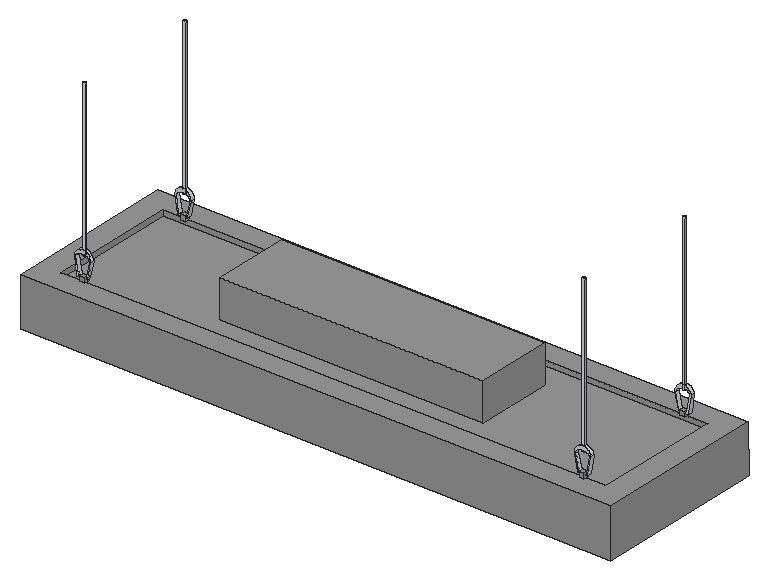
Revit family "HEFTY_4000K_6000LM", category Lighting Fixtures, host Ceiling, Revit 2021
Family settings
  Host = Ceiling
  Round Connector Dimension = Use Diameter
  Part Type = Normal
  OmniClass Number = 23.80.70.11
  OmniClass Title = Luminaries for Internal Lighting
  Always vertical = Yes
  Cut with Voids When Loaded = No
  Light Source = Yes
  Shared = No
  Room Calculation Point = No
Parameters (values of type "Type 1")
  Wattage = 40.3926 W
  built-in parameter 1150110 = 1 (stored number, unit not read)
  Type de lampe = "LED Mid Power"
  Type = "Luminaire industrie"
  built-in parameter 1114217 = 1 (stored number, unit not read)
  Tilt Angle = 90.00°
  Tension = "AC 220-240V"
  built-in parameter 1150109 = 1 (stored number, unit not read)
  built-in parameter 1150134 = 12
  built-in parameter 1150113 = 1 (stored number, unit not read)
  SDCM = "<3"
  Puissance nominale = "49W"
  Poids = "4,5 kg"
  Photometric Web File = "google_eulumdat_converter (5).ies"
  Matériau = "Acier galvanisé blanc"
  Maintien du flux = "L80B10 (50 000 heures)"
  Lumens = 6000 lm
  built-in parameter 1150115 = 1 (stored number, unit not read)
  built-in parameter 1150105 = 477.46 (stored number, unit not read)
  built-in parameter 1150137 = (empty or 0)
  built-in parameter 1150139 = (empty or 0)
  built-in parameter 1150112 = 1 (stored number, unit not read)
  built-in parameter 1150114 = 1 (stored number, unit not read)
  built-in parameter 1150132 = 2
  built-in parameter 1150102 = (empty or 0)
  built-in parameter 1150138 = (empty or 0)
  built-in parameter 1150107 = 4000 (stored number, unit not read)
  built-in parameter 1150106 = 4.7746 (stored number, unit not read)
  IRC = ">80"
  Emit from Rectangle Width = 609.6 mm
  Emit from Rectangle Length = 1219.2 mm
  Emit Shape Visible in Rendering = no
  built-in parameter 1150104 = 13.8 (stored number, unit not read)
  Durée de vie = "50 000 heures"
  Driver = "Driver Osram"
  Dimming Lamp Color Temperature Shift = <None>
  Dimensions = "650x190x90 mm"
  Diffuseur = "Polycarbonate Opale"
  Default Elevation = 0 mm
  Color Filter = 16777215
  built-in parameter 1114218 = 1 (stored number, unit not read)
  built-in parameter 1150133 = 10 (stored number, unit not read)
  Angle d'éclairage = "90°"
Reference planes
  plane 1 "Light Source Axis (F/B)": y = 0
  plane 2: z = 0
  plane 3 "Light Source Axis (L/R)": x = 0
  plane 4 "Ceiling": z = 4000
  plane 5 "Light Source Elevation": z = 3750
Forms (mm)
  Extrusion 1, solid, material "Steel, Galvanized"
    sketch origin (0, 0, 4000) x (0, 1, 0) y (-1, 0, 0)
      loop
        line (95, 325) -> (-95, 325) -> (-95, -325) -> (95, -325) -> (95, 325)
      loop
        line (70, 300) -> (-70, 300) -> (-70, -300) -> (70, -300) -> (70, 300)
    from -250 to -196.102
  Extrusion 2, solid, material "Steel, Galvanized"
    sketch origin (0, 0, 4000) x (0, 1, 0) y (-1, 0, 0)
      loop
        line (70, 300) -> (-70, 300) -> (-70, -300) -> (70, -300) -> (70, 300)
    from -201.474 to -207.22
  Extrusion 3, solid, material "Steel, Galvanized"
    sketch origin (0, 0, 4000) x (0, 1, 0) y (-1, 0, 0)
      loop
        line (71.862, 277.481) -> (66.862, 277.481) -> (66.862, 272.481) -> (71.862, 272.481) -> (71.862, 277.481)
    from -196.102 to -190.59
  Extrusion 4, solid, material "Steel, Galvanized"
    sketch origin (0, 0, 4000) x (0, 1, 0) y (-1, 0, 0)
      loop
        line (43.191, 147.964) -> (-41.809, 147.964) -> (-41.809, -142.036) -> (43.191, -142.036) -> (43.191, 147.964)
    from -207.22 to -160
  Extrusion 5, solid, material "Steel, Galvanized"
    sketch origin (0, 0, 4000) x (0, -1, 0) y (1, 0, 0)
      loop
        line (-71.862, 277.481) -> (-71.862, 272.481) -> (-66.862, 272.481) -> (-66.862, 277.481) -> (-71.862, 277.481)
    from -196.102 to -190.59
  Extrusion 6, solid, material "Steel, Galvanized"
    sketch origin (0, 0, 4000) x (0, -1, 0) y (1, 0, 0)
      loop
        line (71.862, 277.481) -> (66.862, 277.481) -> (66.862, 272.481) -> (71.862, 272.481) -> (71.862, 277.481)
    from -196.102 to -190.59
  Extrusion 7, solid, material "Steel, Galvanized"
    sketch origin (0, 0, 4000) x (0, 1, 0) y (-1, 0, 0)
      loop
        line (-71.862, 277.481) -> (-71.862, 272.481) -> (-66.862, 272.481) -> (-66.862, 277.481) -> (-71.862, 277.481)
    from -196.102 to -190.59
  Extrusion 8, solid
    sketch origin (0, 0, 0) x (1, 0, 0) y (0, 0, 1)
      loop
        line (-273.652, 3806.915) -> (-270.251, 3807.826) -> (-266.484, 3825.549)
        arc (-266.484, 3825.549) -> (-274.506, 3835.045) -> (-284.54, 3827.708) r 9.115
        line (-284.54, 3827.708) -> (-281.412, 3807.954) -> (-276.521, 3806.915) -> (-273.652, 3806.915)
      loop
        line (-274.011, 3807.991) -> (-271.034, 3808.788) -> (-267.537, 3825.237)
        arc (-267.537, 3825.237) -> (-274.423, 3831.527) -> (-282.81, 3827.45) r 8.303
        line (-282.81, 3827.45) -> (-279.848, 3808.744) -> (-276.306, 3807.991) -> (-274.011, 3807.991)
    from 67.418 to 71.074
  Extrusion 9, solid
    sketch origin (0, 0, 0) x (1, 0, 0) y (0, 0, -1)
      loop
        line (-273.652, -3806.915) -> (-276.521, -3806.915) -> (-281.412, -3807.954) -> (-284.54, -3827.708)
        arc (-284.54, -3827.708) -> (-274.506, -3835.045) -> (-266.484, -3825.549) r 9.115
        line (-266.484, -3825.549) -> (-270.251, -3807.826) -> (-273.652, -3806.915)
      loop
        line (-274.011, -3807.991) -> (-276.306, -3807.991) -> (-279.848, -3808.744) -> (-282.81, -3827.45)
        arc (-282.81, -3827.45) -> (-274.423, -3831.527) -> (-267.537, -3825.237) r 8.303
        line (-267.537, -3825.237) -> (-271.034, -3808.788) -> (-274.011, -3807.991)
    from 67.418 to 71.074
  Extrusion 10, solid
    sketch origin (0, 0, 0) x (-1, 0, 0) y (0, 0, 1)
      loop
        line (-273.652, 3806.915) -> (-270.251, 3807.826) -> (-266.484, 3825.549)
        arc (-266.484, 3825.549) -> (-274.506, 3835.045) -> (-284.54, 3827.708) r 9.115
        line (-284.54, 3827.708) -> (-281.412, 3807.954) -> (-276.521, 3806.915) -> (-273.652, 3806.915)
      loop
        line (-274.011, 3807.991) -> (-271.034, 3808.788) -> (-267.537, 3825.237)
        arc (-267.537, 3825.237) -> (-274.423, 3831.527) -> (-282.81, 3827.45) r 8.303
        line (-282.81, 3827.45) -> (-279.848, 3808.744) -> (-276.306, 3807.991) -> (-274.011, 3807.991)
    from 67.418 to 71.074
  Extrusion 11, solid
    sketch origin (0, 0, 0) x (-1, 0, 0) y (0, 0, -1)
      loop
        line (-273.652, -3806.915) -> (-276.521, -3806.915) -> (-281.412, -3807.954) -> (-284.54, -3827.708)
        arc (-284.54, -3827.708) -> (-274.506, -3835.045) -> (-266.484, -3825.549) r 9.115
        line (-266.484, -3825.549) -> (-270.251, -3807.826) -> (-273.652, -3806.915)
      loop
        line (-274.011, -3807.991) -> (-276.306, -3807.991) -> (-279.848, -3808.744) -> (-282.81, -3827.45)
        arc (-282.81, -3827.45) -> (-274.423, -3831.527) -> (-267.537, -3825.237) r 8.303
        line (-267.537, -3825.237) -> (-271.034, -3808.788) -> (-274.011, -3807.991)
    from 67.418 to 71.074
  Extrusion 12, solid, material "Glass, White, High Luminance"
    sketch origin (0, 0, 4000) x (0, 1, 0) y (-1, 0, 0)
      loop
        line (70, 300) -> (-70, 300) -> (-70, -300) -> (70, -300) -> (70, 300)
    from -250 to -245.079
  Extrusion 13, solid
    sketch origin (0, 0, 4000) x (0, 1, 0) y (-1, 0, 0)
      loop
        circle (68.947, 275) r 1.348
    from -170.446 to 0
  Extrusion 14, solid
    sketch origin (0, 0, 4000) x (0, -1, 0) y (1, 0, 0)
      loop
        circle (-68.947, 275) r 1.348
    from -170.446 to 0
  Extrusion 15, solid
    sketch origin (0, 0, 4000) x (0, -1, 0) y (1, 0, 0)
      loop
        circle (68.947, 275) r 1.348
    from -170.446 to 0
  Extrusion 16, solid
    sketch origin (0, 0, 4000) x (0, 1, 0) y (-1, 0, 0)
      loop
        circle (-68.947, 275) r 1.348
    from -170.446 to 0
Lines and regions (mm)
  reference lines
    curve 1: line (0, 0, 4000) -> (325, 0, 4000)
    curve 2: line (0, 0, 4000) -> (-325, 0, 4000)
    curve 3: line (-325, 0, 4000) -> (-325, 95, 4000)
    curve 4: line (-325, 95, 4000) -> (325, 95, 4000)
    curve 5: line (325, 95, 4000) -> (325, -95, 4000)
    curve 6: line (325, -95, 4000) -> (-325, -95, 4000)
    curve 7: line (-325, -95, 4000) -> (-325, 0, 4000)
    curve 8: line (0, 0, 4000) -> (225, 0, 4000)
    curve 9: line (225, 0, 4000) -> (225, -70, 4000)
    curve 10: line (225, -70, 4000) -> (-275, -70, 4000)
    curve 11: line (-275, -70, 4000) -> (-275, 70, 4000)
    curve 12: line (-275, 70, 4000) -> (225, 70, 4000)
    curve 13: line (-325, 0, 4000) -> (-300, 0, 4000)
    curve 14: line (-300, 0, 4000) -> (-300, 5, 4000)
    curve 15: line (325, 0, 4000) -> (300, 0, 4000)
    curve 16: line (0, 0, 3750) -> (0, 0, 3840)
Dimensions and locks
  equal spacing: host sketch curve, plane 3 "Light Source Axis (L/R)", host sketch curve
  equal spacing: host sketch curve, plane 1 "Light Source Axis (F/B)", host sketch curve
  host sketch curve to host sketch curve = 4000 mm  (x2)
  plane 4 "Ceiling" to host ceiling = 0 mm
  aligned and locked: plane 3 "Light Source Axis (L/R)" to imposter light
  aligned and locked: plane 1 "Light Source Axis (F/B)" to imposter light
  aligned and locked: plane 5 "Light Source Elevation" to imposter light
